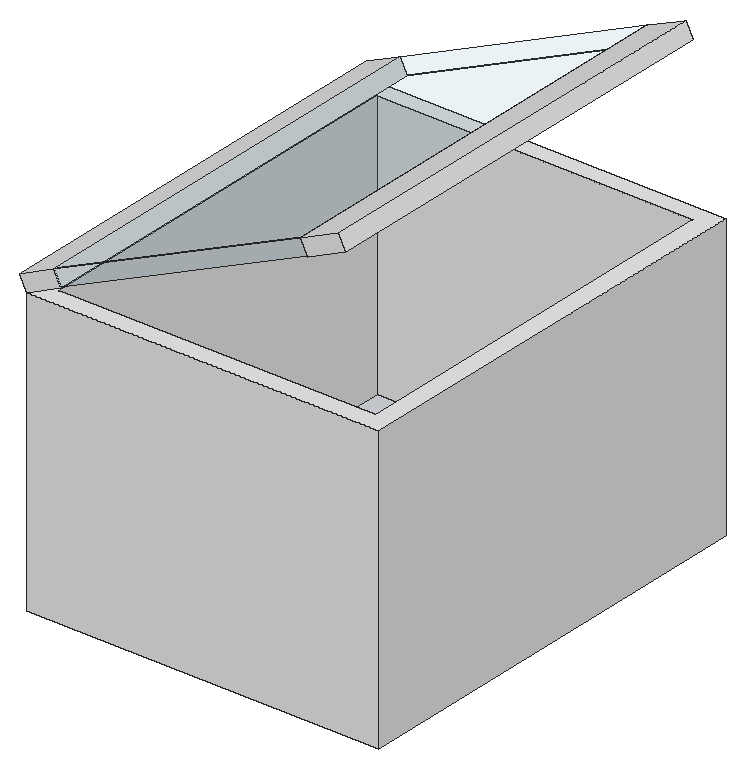
Revit family "Domotics-CablaggioStrutturato-GEWISS-QUADRI_PARETE_10_6U", category Apparecchi elettrici, host Superficie, Revit 2019
Family settings
  Host = Superficie
  Mantenere orientamento annotazione = Sì
  Quota connettore circolare = Usa diametro
  Tipo di parte = Normale
  Taglio con vuoti quando caricato = No
  Condiviso = No
  Punto di calcolo locali = Sì
Parameters (values of type "GW38432 - QUADRO DA PARETE 10 8U P=265MM")
  simbolo in pianta [instance] = yes
  Visibilità sportello [instance] = yes
  Versione file RFA = "21.2"
  UnitÃ  di cablaggio = "8 U"
  URL = "https://www.gewiss.com/it/it"
  Tipologia porta = "Reversibile"
  Scheda Tecnica = "https://www.gewiss.com/it/it/search?q=GW38432"
  SEO = "Quadro"
  Default Elevation = 1219.2 mm
  Produttore = "GEWISS S.p.A."
  Portata statica = "15KG"
  Nome quadro [instance] = "n.quadro"
  N. montanti = "2"
  Modello = "GW38432"
  Materiale = "Acciaio"
  Immagine tipo = A.jpg
  IDT = "6908dd95ba2d4d7d80b407934de9d0a7"
  IDF = "5ac9469c-4090-481c-b30f-03194449df13"
  Grado di protezione = "IP20"
  Finitura = "Bucciata"
  Distanza_x [instance] = -380.34 mm
  Distanza simbolo [instance] = 0 mm
  Distanza effettiva x [instance] = 1000 mm - Distanza_x  # 1380.34 mm
  Dim. esterne BxHxP (mm) = "325x400x262"
  Descrizione = "QUADRO DA PARETE 10 8U P=265MM"
  Creato da GEWISS S.p.A. = ""
  Colore = "Grigio (RAL 7035)"
  Codice Electrocod = "3752"
  Categoria = "Quadro da parete 10\""
  Catalogo = "DOMOTICS"
  COBie.Tagnumber = ""
  COBie.CreatedOn = ""
  COBie.CreatebBy = ""
  COBie.ComponentRegisterItemID = ""
  COBie.Component.TagNumber = ""
  COBie.Component.Space = ""
  COBie.Component.SerialNumber = ""
  COBie.Component.InstallationDate = ""
  COBie.Component.Description = ""
  COBie.Component.BarCode = ""
  Apertura porta = "180°"
  Apertura [instance] = 25.00°
Reference planes
  plane 1 "Centro (Fronte/Retro)": y = 0
  plane 2: z = 0
  plane 3 "Centro (Sinistra/Destra)": x = 0
  plane 4: x = -1380.34
  plane 5: x = 0
Forms (mm)
  Extrusion 1, solid, detail levels coarse
    sketch origin (0, 0, 0) x (1, 0, 0) y (0, 1, 0)
      loop
        line (0, 0) -> (325, 0) -> (325, 400) -> (0, 400) -> (0, 0)
    from 0 to 263
Dimensions and locks
  plane 4 to plane 3 "Centro (Sinistra/Destra)" = 1380.34 mm
  "Distanza effettiva x": plane 4 to plane 5
  aligned and locked: host face to plane 2
  aligned and locked: host face to level
  aligned and locked: plane 1 "Centro (Fronte/Retro)" to nested 1
  aligned and locked: plane 3 "Centro (Sinistra/Destra)" to nested 1
  aligned and locked: nested 2 to plane 5
  aligned and locked: Extrusion 1 sketch curve to nested 1  (x4)
  aligned and locked: Extrusion 1 to nested 1
Automatic sketch dimensions
  host sketch curve to host sketch curve = 3398.537 mm
  host sketch curve to host sketch curve = 3619.2 mm
Nested families
  nested 1: "DATACENTER QUADRO PARETE 8U_base" at (0, 0, 0), Apertura <- "Apertura", Sportello <- "Visibilità sportello", visible <- "Visibilità sportello", type "DATACENTER QUADRO PARETE 8U_base", detail levels medium+fine
  nested 2: "DATACENTERsimbolo" at (0, 911.19, 0), Distanza dal muro <- "Distanza simbolo", SIMBOLO ACCESO <- "simbolo in pianta", visible <- "simbolo in pianta", type "3P"
    with SIMBOLO ACCESO yes, Distanza dal muro 0 mm
Definition of nested family "DATACENTER QUADRO PARETE 8U_base"
  Parameters (values of type "DATACENTER QUADRO PARETE 8U_base")
    Struttura = none
    Sportello_vetro = none
    Sportello visibile [instance] = yes
    Sportello lato = none
    Sportello [instance] = yes
    Profondità quadro = 263 mm  # constant formula
    L_quadro = 325 mm  # constant formula
    Altezza quadro = 400 mm  # constant formula
    Apertura [instance] = 25.00°
  Reference planes
    plane 1 "Centro (Fronte/Retro)": y = 0
    plane 2: z = 0
    plane 3 "Centro (Sinistra/Destra)": x = 0
    plane 4: x = 325
    plane 5: y = 400
    plane 6: x = 16.5
    plane 7: y = 383.5
    plane 8: y = 16.5
    plane 9: x = 308.5
    plane 10: z = 263
    plane 11: z = 16.5
    plane 12: x = 46.5
  Forms (mm)
    Extrusion 1, solid, material <- "Struttura"
      sketch origin (0, 0, 0) x (1, 0, 0) y (0, 1, 0)
        loop
          line (16.5, 383.5) -> (16.5, 16.5) -> (308.5, 16.5) -> (308.5, 383.5) -> (16.5, 383.5)
        loop
          line (0, 400) -> (0, 0) -> (325, 0) -> (325, 400) -> (0, 400)
      from 0 to 263
    Extrusion 2, solid
      sketch origin (0, 0, 0) x (1, 0, 0) y (0, 1, 0)
        loop
          line (16.5, 383.5) -> (16.5, 16.5) -> (308.5, 16.5) -> (308.5, 383.5) -> (16.5, 383.5)
      from 0 to 16.5
    Extrusion 3, solid, material <- "Sportello lato", visible <- "Sportello visibile"
      sketch origin (489.962, 0, 491.473) x (-0.906308, 0, -0.422618) y (0, -1, 0)
        loop
          line (215.614, 0) -> (215.614, -400) -> (254.241, -400) -> (254.241, 0) -> (215.614, 0)
        loop
          line (540.614, -400) -> (540.614, 0) -> (506.604, 0) -> (506.604, -400) -> (540.614, -400)
      from 0 to 15
    Extrusion 4, solid, material <- "Sportello_vetro", visible <- "Sportello visibile"
      sketch origin (489.962, 0, 491.473) x (-0.906308, 0, -0.422618) y (0, -1, 0)
        loop
          line (506.604, 0) -> (254.241, 0) -> (254.241, -400) -> (506.604, -400) -> (506.604, 0)
      from 0 to 15
  Lines and regions (mm)
    reference lines
      curve 1: line (489.962, 0, 491.473) -> (0, 0, 263)
  Dimensions and locks
    "L_quadro": plane 3 "Centro (Sinistra/Destra)" to plane 4
    "Altezza quadro": plane 1 "Centro (Fronte/Retro)" to plane 5
    locked: plane 5 to plane 7 at 16.5
    locked: plane 9 to plane 4 at 16.5
    locked: plane 3 "Centro (Sinistra/Destra)" to plane 6 at 16.5
    locked: plane 1 "Centro (Fronte/Retro)" to plane 8 at 16.5
    "Profondità quadro": plane 10 to plane 2
    locked: plane 11 to level at 16.5
    locked: plane 6 to plane 12 at 30
    locked: Extrusion 3 sketch curve to Extrusion 3 sketch curve at 38.628
    locked: Extrusion 3 sketch curve to Extrusion 3 sketch curve at 34.009
    "L_quadro": Extrusion 3 sketch curve to Extrusion 3 sketch curve
    "Altezza quadro": Extrusion 3 sketch curve to Extrusion 3 sketch curve  (x2)
    "Altezza quadro": Extrusion 4 sketch curve to Extrusion 4 sketch curve
    "Apertura": angle plane 10 to curve 1
    aligned and locked: level to plane 2
    aligned and locked: Extrusion 1 sketch curve to plane 7
    aligned and locked: Extrusion 1 sketch curve to plane 5
    aligned and locked: Extrusion 1 sketch curve to plane 3 "Centro (Sinistra/Destra)"
    aligned and locked: Extrusion 1 sketch curve to plane 6
    aligned and locked: Extrusion 1 sketch curve to plane 1 "Centro (Fronte/Retro)"
    aligned and locked: Extrusion 1 sketch curve to plane 8
    aligned and locked: Extrusion 1 sketch curve to plane 9
    aligned and locked: Extrusion 1 sketch curve to plane 4
    aligned and locked: plane 10 to Extrusion 1
    aligned and locked: Extrusion 2 sketch curve to plane 6
    aligned and locked: Extrusion 2 sketch curve to plane 7
    aligned and locked: Extrusion 2 sketch curve to plane 9
    aligned and locked: Extrusion 2 sketch curve to plane 8
    aligned and locked: plane 11 to Extrusion 2
    aligned and locked: curve 1 to Extrusion 1
    aligned and locked: plane 10 to curve 1
    aligned and locked: Extrusion 3 sketch curve to plane 5
    aligned and locked: Extrusion 3 sketch curve to plane 1 "Centro (Fronte/Retro)"
    aligned and locked: Extrusion 3 sketch curve to Extrusion 1
    aligned and locked: Extrusion 4 sketch curve to curve 1
    aligned and locked: Extrusion 4 sketch curve to Extrusion 3  (x2)
  Automatic sketch dimensions
    curve 1 to plane 3 "Centro (Sinistra/Destra)" = 0 mm
Definition of nested family "DATACENTERsimbolo"
  Parameters (values of type "3P")
    SIMBOLO ACCESO [instance] = yes
    Distanza dal muro [instance] = 0 mm
  Reference planes
    plane 1: y = 0
    plane 2: x = 0
  Dimensions and locks
    "Distanza dal muro": plane 1 to nested 1
    aligned and locked: plane 2 to nested 1
  Nested families
    nested 1: "DATACENTERsimbolo.base" at (0, 0, 0), type "3P"
      with CORNICE SIMBOLO yes
  Definition of nested family "DATACENTERsimbolo.base"
    Parameters (values of type "3P")
      Testo = ""
      CORNICE SIMBOLO [instance] = yes
      3P = yes
    Reference planes
      plane 1: y = 0
      plane 2: x = 0
    Lines and regions (mm)
      detail lines
        curve 1: line (6.852, 3.426, 0) -> (8.859, 3.426, 0)
        curve 2: line (8.859, 3.426, 0) -> (8.859, 0, 0)
        curve 3: line (8.859, 0, 0) -> (6.852, 0, 0)
        curve 4: line (6.852, 0, 0) -> (0, 3.426, 0)
        curve 5: line (0, 3.426, 0) -> (3.027, 3.426, 0)
        curve 6: line (3.027, 3.426, 0) -> (6.852, 3.426, 0)
        curve 7: line (6.852, 3.426, 0) -> (6.852, 0, 0)
        curve 8: line (6.852, 0, 0) -> (0, 0, 0)
        curve 9: line (0, 0, 0) -> (0, 3.426, 0)
        curve 10: line (7.856, 1.713, 0) -> (7.856, 2.67, 0)
        curve 11: line (8.526, 0.756, 0) -> (8.526, 1.713, 0)
        curve 12: line (8.526, 1.713, 0) -> (7.185, 1.713, 0)
        curve 13: line (7.185, 1.713, 0) -> (7.185, 0.756, 0)
    Text (mm)
      label "RJ" at (7.87, 1.29, 0), shows "Testo"
    Nested families
      nested 1: "testo_simb" at (7.89, 1.134, 0), type "3P"
        with SIMBOLO ACCESO yes, Distanza dal muro 0 mm
      nested 2: "testo_simb" at (7.855, 0, 0), type "3P"
        with SIMBOLO ACCESO yes, Distanza dal muro 0 mm
      nested 3: "testo_simb" at (7.855, 0, 0), type "3P"
        with SIMBOLO ACCESO yes, Distanza dal muro 0 mm
      nested 4: "testo_simb" at (7.855, 0, 0), type "3P"
        with SIMBOLO ACCESO yes, Distanza dal muro 0 mm
      nested 5: "testo_simb" at (7.855, 0, 0), type "3P"
        with SIMBOLO ACCESO yes, Distanza dal muro 0 mm
    Definition of nested family "testo_simb"
      Parameters (values of type "3P")
        testo simb = ""
        SIMBOLO ACCESO [instance] = yes
        Distanza dal muro [instance] = 0 mm
      Reference planes
        plane 1: y = 0
        plane 2: x = 0
      Text (mm)
        label "RJ" at (0.02, 0.123, 0), shows "testo simb"
